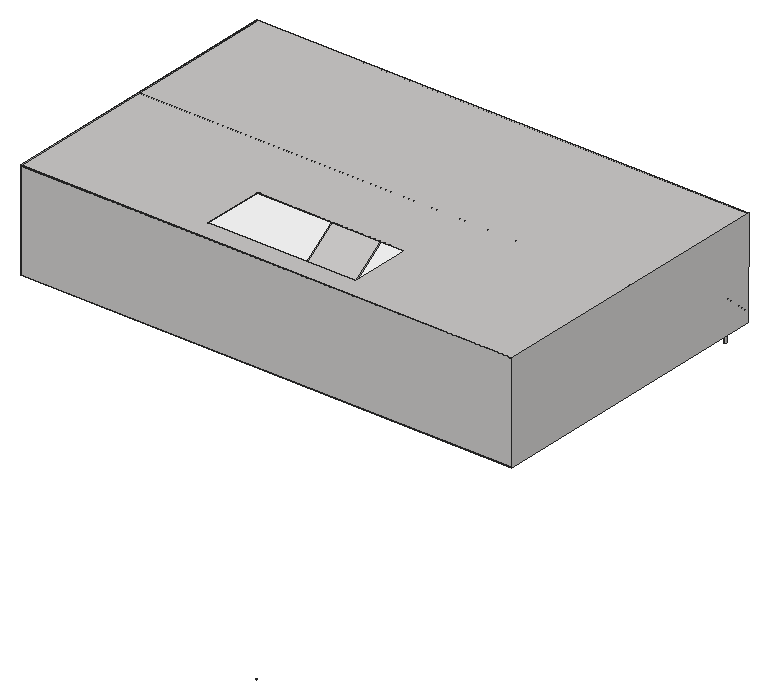
Revit family "QF_ELECTROLUXPROFESSIONAL_640190_EPF1220", category Specialty Equipment, Revit 2014
Reference planes
  plane 1: z = 0
  plane 2 "Center (Left/Right)": x = 150
  plane 3 "LEFT": x = -850
  plane 4 "RIGHT": x = 1150
  plane 5 "BACK": y = 550
  plane 6 "TOP": z = 2400
  plane 7 "Base": z = 2000
  plane 8: z = 1970
  plane 9 "DrainY": y = 450
  plane 10: x = -847
  plane 11: y = -320
  plane 12: y = -570
  plane 13 "DrainX": x = 1137
  plane 14 "AOLeft": x = -150
  plane 15 "AORight": x = 450
  plane 16: x = 1147
  plane 17: x = -650
  plane 18: x = 950
  plane 19 "Center (Front/Back)": y = -50
  plane 20 "Front": y = -650
  plane 21: through (0, -49.6, 2399.19) normal (0, -0.5736, 0.8192)
  plane 22: x = 50
  plane 23: x = 250
Forms (mm)
  Extrusion 1, solid, material "QF_Finishes_Stainless Steel"
    sketch origin (-850, 0, 360) x (0, 1, 0) y (0, 0, 1)
      loop
        line (550, 1640) -> (550, 2040) -> (-650, 2040) -> (-650, 1640) -> (550, 1640)
    from 0 to 3
  Extrusion 2, solid, material "QF_Finishes_Stainless Steel"
    sketch origin (1150, 0, 360) x (0, 1, 0) y (0, 0, 1)
      loop
        line (550, 1640) -> (550, 2040) -> (-650, 2040) -> (-650, 1640) -> (550, 1640)
    from 0 to -3
  Extrusion 3, solid, material "QF_Finishes_Stainless Steel"
    sketch origin (150, 0, 360) x (0, 1, 0) y (0, 0, 1)
      loop
        line (-650, 2040) -> (-650, 1640) -> (-640, 1640) -> (-640, 1640.8) -> (-649.2, 1640.8) -> (-649.2, 2039.19) -> (549.2, 2039.19) -> (549.2, 1640.8) -> (540, 1640.8) -> (540, 1640) -> (550, 1640) -> (550, 2040) -> (-650, 2040)
    from -1000 to 1000
  Extrusion 4, solid, material "QF_Finishes_Stainless Steel"
    sketch origin (0, 0, 2000) x (0, 1, 0) y (-1, 0, 0)
      loop
        circle (450, -1137) r 4.763
    from -30 to 0
  Extrusion 5, void
    sketch origin (0, 0, 2400) x (0, 1, 0) y (-1, 0, 0)
      loop
        line (-320, -450) -> (-320, 150) -> (-570, 150) -> (-570, -450) -> (-320, -450)
    from 0 to -10
  Extrusion 6, solid, material "QF_Finishes_Stainless Steel"
    sketch origin (0, 0, 0) x (1, 0, 0) y (0, 1, 0)
      loop
        line (-850, 550) -> (-850, 549) -> (-849, 549) -> (-849, 550) -> (-850, 550)
    from 0 to 1
  Extrusion 7, solid, material "QF_Finishes_Stainless Steel"
    sketch origin (150, 0, 360) x (0, 1, 0) y (0, 0, 1)
      loop
        line (-131.515, 1981.832) -> (-134.381, 1985.926) -> (-573.276, 1678.608) -> (-570.553, 1674.415) -> (-131.515, 1981.832)
    from -800 to -997
  Extrusion 8, solid, material "QF_Finishes_Stainless Steel"
    sketch origin (150, 0, 360) x (0, 1, 0) y (0, 0, 1)
      loop
        line (-650, 2039.19) -> (-650, 1640) -> (-619.702, 1640) -> (-570.553, 1674.415) -> (-578.723, 1686.995) -> (-579.394, 1686.559) -> (-571.645, 1674.627) -> (-619.955, 1640.8) -> (-649.2, 1640.8) -> (-649.2, 2039.19) -> (-650, 2039.19)
      loop
        line (-49.6, 2039.19) -> (-50.995, 2039.19) -> (-131.319, 1982.947) -> (-139.464, 1994.578) -> (-140.119, 1994.12) -> (-131.515, 1981.832) -> (-49.6, 2039.19)
    from -997 to 997
  Extrusion 9, solid, material "QF_Finishes_Stainless Steel"
    sketch origin (150, 0, 360) x (0, 1, 0) y (0, 0, 1)
      loop
        line (-131.515, 1981.832) -> (-134.381, 1985.926) -> (-573.276, 1678.608) -> (-570.553, 1674.415) -> (-131.515, 1981.832)
    from 997 to 800
  Extrusion 10, solid, material "QF_Finishes_Stainless Steel"
    sketch origin (150, 0, 360) x (0, 1, 0) y (0, 0, 1)
      loop
        line (-131.515, 1981.832) -> (-134.381, 1985.926) -> (-573.276, 1678.608) -> (-570.553, 1674.415) -> (-131.515, 1981.832)
    from -100 to 100
  Extrusion 11, solid, material "QF_Finished_Chrome"
    sketch origin (150, 0, 360) x (0, 1, 0) y (0, 0, 1)
      loop
        line (-131.515, 1981.832) -> (-134.381, 1985.926) -> (-573.276, 1678.608) -> (-570.553, 1674.415) -> (-131.515, 1981.832)
    from -800 to -100
  Extrusion 12, solid, material "QF_Finished_Chrome"
    sketch origin (150, 0, 360) x (0, 1, 0) y (0, 0, 1)
      loop
        line (-131.515, 1981.832) -> (-134.381, 1985.926) -> (-573.276, 1678.608) -> (-570.553, 1674.415) -> (-131.515, 1981.832)
    from 100 to 800
  Sweep 13, solid, material "QF_Finishes_Stainless Steel"
    path origin (0, 0, 0) x (1, 0, 0) y (0, 1, 0)
      loop
        line (1150, 550) -> (-850, 550) -> (-850, -650) -> (1150, -650) -> (1150, 550)
    profile origin (1150, -50, 0) x (1, 0, 0) y (0, 0, 1)
      loop
        line (-3, 2000) -> (-3, 2000.8) -> (-19, 2000.8) -> (-19, 2010) -> (-20, 2010) -> (-20, 2000) -> (-3, 2000)
  Extrusion 14, solid, material "QF_Finishes_Stainless Steel"
    sketch origin (150, 0, 0) x (0, 1, 0) y (0, 0, 1)
      loop
        line (549.2, 2040.8) -> (549.2, 2041.877) -> (289.521, 2275.693) -> (-43.438, 2399.19) -> (-45.739, 2399.19) -> (289.099, 2274.996) -> (549.2, 2040.8)
    from -997 to 997
Cuts and joins
  Extrusion 5 cuts Extrusion 3
  joined: Extrusion 2, Extrusion 3, Sweep 13
Lines and regions (mm)
  symbolic lines, style "SpecialityEquipment", detail levels coarse
    curve 1: line (1150, 550, 2400) -> (-850, 550, 2400)
    curve 2: line (-850, 550, 2400) -> (-850, -650.8, 2400)
    curve 3: line (1150, -650.8, 2400) -> (1150, 550, 2400)
    curve 4: line (-850, -650.8, 2400) -> (1150, -650.8, 2400)
    curve 5: line (450, -570, 2400) -> (-150, -570, 2400)
    curve 6: line (450, -320, 2400) -> (450, -570, 2400)
    curve 7: line (-150, -320, 2400) -> (450, -320, 2400)
    curve 8: line (-150, -570, 2400) -> (-150, -320, 2400)
    curve 9: line (-850, 550, 0) -> (1150, -650.8, 0)
    curve 10: line (1150, 550, 0) -> (-850, -650.8, 0)
Dimensions and locks
  plane 3 "LEFT" to plane 4 "RIGHT" = 2000 mm
  equal spacing: plane 3 "LEFT", plane 2 "Center (Left/Right)", plane 4 "RIGHT"
  plane 7 "Base" to plane 8 = 30 mm
  plane 5 "BACK" to plane 9 "DrainY" = 100 mm  (x2)
  plane 3 "LEFT" to plane 10 = 3 mm
  plane 13 "DrainX" to plane 4 "RIGHT" = 13 mm
  plane 16 to plane 4 "RIGHT" = 3 mm
  plane 3 "LEFT" to plane 17 = 200 mm
  plane 18 to plane 4 "RIGHT" = 200 mm
  locked: plane 14 "AOLeft" to plane 15 "AORight" at 600
  equal spacing: plane 14 "AOLeft", plane 2 "Center (Left/Right)", plane 15 "AORight"
  locked: plane 7 "Base" to level at 2000
  locked: plane 6 "TOP" to plane 7 "Base" at 400
  plane 5 "BACK" to plane 20 "Front" = 1200 mm  (x2)
  equal spacing: plane 5 "BACK", plane 19 "Center (Front/Back)", plane 20 "Front"
  locked: plane 22 to plane 23 at 200
  equal spacing: plane 22, plane 2 "Center (Left/Right)", plane 23
  plane 12 to plane 20 "Front" = 80 mm
  locked: plane 11 to plane 12 at 250
  aligned and locked: level to plane 1
  aligned and locked: plane 4 "RIGHT" to Extrusion 3
  aligned and locked: Extrusion 3 to plane 3 "LEFT"
  aligned and locked: Extrusion 5 to plane 14 "AOLeft"
  aligned and locked: Extrusion 5 to plane 12
  aligned and locked: Extrusion 5 to plane 11
  aligned and locked: Extrusion 7 to plane 10
  aligned and locked: Extrusion 7 to plane 17
  aligned and locked: Extrusion 2 to plane 16
  aligned and locked: Extrusion 5 to plane 15 "AORight"
  aligned and locked: plane 15 "AORight" to curve 6
  aligned and locked: plane 16 to Extrusion 9
  aligned and locked: plane 18 to Extrusion 9
  aligned and locked: plane 23 to Extrusion 10
  aligned and locked: Extrusion 10 to plane 22
  aligned and locked: plane 22 to Extrusion 11
  aligned and locked: Extrusion 11 to plane 17
  aligned and locked: Extrusion 12 to plane 23
  aligned and locked: Extrusion 12 to plane 18
  aligned and locked: Extrusion 14 to plane 10
  aligned and locked: plane 16 to Extrusion 14
  aligned and locked: Extrusion 8 to plane 10
  aligned and locked: plane 16 to Extrusion 8
Automatic sketch dimensions
  curve 4 to plane 4 "RIGHT" = 0 mm
  curve 2 to plane 3 "LEFT" = 0 mm
  curve 5 to plane 12 = 0 mm
  plane 11 to curve 7 = 0 mm
  curve 2 to plane 5 "BACK" = 0 mm
  curve 5 to plane 14 "AOLeft" = 0 mm
  curve 4 to plane 20 "Front" = 0.8 mm
  Extrusion 1 sketch curve to plane 7 "Base" = 0 mm
  Extrusion 1 sketch curve to plane 20 "Front" = 0 mm
  Extrusion 1 sketch curve to plane 5 "BACK" = 0 mm
  Extrusion 1 sketch curve to plane 6 "TOP" = 0 mm
  Extrusion 2 sketch curve to plane 7 "Base" = 0 mm
  Extrusion 2 sketch curve to plane 20 "Front" = 0 mm
  Extrusion 2 sketch curve to plane 5 "BACK" = 0 mm
  Extrusion 2 sketch curve to plane 6 "TOP" = 0 mm
  Extrusion 3 sketch curve to plane 6 "TOP" = 0 mm
  Extrusion 3 sketch curve to plane 20 "Front" = 0 mm
  Extrusion 3 sketch curve to plane 7 "Base" = 0 mm  (x2)
  Extrusion 3 sketch curve to plane 5 "BACK" = 0 mm
  plane 20 "Front" to Extrusion 3 sketch curve = 0.8 mm
  Extrusion 3 sketch curve to Extrusion 3 sketch curve = 9.2 mm
  plane 7 "Base" to Extrusion 3 sketch curve = 0.8 mm  (x2)
  Extrusion 3 sketch curve to plane 5 "BACK" = 10 mm
  Extrusion 3 sketch curve to plane 5 "BACK" = 0.8 mm
  Extrusion 3 sketch curve to plane 6 "TOP" = 0.81 mm
  Extrusion 4 sketch curve to plane 9 "DrainY" = 0 mm
  Extrusion 4 sketch curve to plane 13 "DrainX" = 0 mm
  Extrusion 5 sketch curve to plane 12 = 0 mm
  plane 11 to Extrusion 5 sketch curve = 0 mm
  Extrusion 5 sketch curve to plane 15 "AORight" = 0 mm
  Extrusion 5 sketch curve to plane 14 "AOLeft" = 0 mm
  Extrusion 6 sketch curve to plane 3 "LEFT" = 0 mm
  Extrusion 6 sketch curve to plane 5 "BACK" = 0 mm
  plane 3 "LEFT" to Extrusion 6 sketch curve = 1 mm
  Extrusion 6 sketch curve to Extrusion 6 sketch curve = 1 mm
  Extrusion 7 sketch curve to plane 21 = 0 mm  (x2)
  plane 20 "Front" to Extrusion 7 sketch curve = 76.724 mm
  plane 7 "Base" to Extrusion 7 sketch curve = 34.415 mm
  Extrusion 7 sketch curve to plane 6 "TOP" = 54.074 mm
  Extrusion 7 sketch curve to plane 19 "Center (Front/Back)" = 84.381 mm
  Extrusion 8 sketch curve to plane 20 "Front" = 0 mm
  Extrusion 8 sketch curve to plane 7 "Base" = 0 mm
  Extrusion 8 sketch curve to plane 21 = 0 mm  (x4)
  plane 20 "Front" to Extrusion 8 sketch curve = 0.8 mm
  Extrusion 8 sketch curve to Extrusion 8 sketch curve = 0.252 mm
  Extrusion 8 sketch curve to Extrusion 8 sketch curve = 40.561 mm
  plane 7 "Base" to Extrusion 8 sketch curve = 46.995 mm
  Extrusion 8 sketch curve to Extrusion 8 sketch curve = 0.671 mm
  plane 7 "Base" to Extrusion 8 sketch curve = 34.627 mm
  Extrusion 8 sketch curve to Extrusion 8 sketch curve = 7.749 mm
  Extrusion 8 sketch curve to plane 6 "TOP" = 45.88 mm
  Extrusion 8 sketch curve to plane 19 "Center (Front/Back)" = 90.119 mm
  Extrusion 8 sketch curve to plane 6 "TOP" = 45.422 mm
  Extrusion 8 sketch curve to plane 6 "TOP" = 57.053 mm
  Extrusion 8 sketch curve to plane 6 "TOP" = 0.81 mm  (x2)
  plane 7 "Base" to Extrusion 8 sketch curve = 0.8 mm
  Extrusion 9 sketch curve to plane 21 = 0 mm  (x2)
  plane 20 "Front" to Extrusion 9 sketch curve = 76.724 mm
  plane 7 "Base" to Extrusion 9 sketch curve = 34.415 mm
  Extrusion 9 sketch curve to plane 6 "TOP" = 54.074 mm
  Extrusion 9 sketch curve to plane 19 "Center (Front/Back)" = 84.381 mm
  Extrusion 10 sketch curve to plane 21 = 0 mm  (x2)
  plane 20 "Front" to Extrusion 10 sketch curve = 76.724 mm
  plane 7 "Base" to Extrusion 10 sketch curve = 34.415 mm
  Extrusion 10 sketch curve to plane 6 "TOP" = 54.074 mm
  Extrusion 10 sketch curve to plane 19 "Center (Front/Back)" = 84.381 mm
  Extrusion 11 sketch curve to plane 21 = 0 mm  (x2)
  plane 20 "Front" to Extrusion 11 sketch curve = 76.724 mm
  plane 7 "Base" to Extrusion 11 sketch curve = 34.415 mm
  Extrusion 11 sketch curve to plane 6 "TOP" = 54.074 mm
  Extrusion 11 sketch curve to plane 19 "Center (Front/Back)" = 84.381 mm
  Extrusion 12 sketch curve to plane 21 = 0 mm  (x2)
  plane 20 "Front" to Extrusion 12 sketch curve = 76.724 mm
  plane 7 "Base" to Extrusion 12 sketch curve = 34.415 mm
  Extrusion 12 sketch curve to plane 6 "TOP" = 54.074 mm
  Extrusion 12 sketch curve to plane 19 "Center (Front/Back)" = 84.381 mm
  Sweep 13 sketch curve to plane 3 "LEFT" = 0 mm
  Sweep 13 sketch curve to plane 4 "RIGHT" = 0 mm
  Sweep 13 sketch curve to plane 20 "Front" = 0 mm
  Sweep 13 sketch curve to plane 5 "BACK" = 0 mm
  profile plane to Sweep 13 sketch curve = 20 mm
  Sweep 13 sketch curve to Sweep 13 sketch curve = 1 mm
  profile plane to Sweep 13 sketch curve = 3 mm
  level to Sweep 13 sketch curve = 2000 mm
  Sweep 13 sketch curve to Sweep 13 sketch curve = 0.8 mm
  Sweep 13 sketch curve to Sweep 13 sketch curve = 9.2 mm
  Extrusion 14 sketch curve to plane 9 "DrainY" = 160.901 mm
  Extrusion 14 sketch curve to Extrusion 14 sketch curve = 0.422 mm
  Extrusion 14 sketch curve to plane 5 "BACK" = 0.8 mm
  plane 7 "Base" to Extrusion 14 sketch curve = 40.8 mm
  Extrusion 14 sketch curve to Extrusion 14 sketch curve = 1.077 mm
  Extrusion 14 sketch curve to plane 6 "TOP" = 125.004 mm
  Extrusion 14 sketch curve to Extrusion 14 sketch curve = 0.697 mm
  Extrusion 14 sketch curve to plane 6 "TOP" = 0.81 mm
  plane 19 "Center (Front/Back)" to Extrusion 14 sketch curve = 6.562 mm
  Extrusion 14 sketch curve to Extrusion 14 sketch curve = 2.3 mm
  Extrusion 14 sketch curve to Extrusion 14 sketch curve = 0 mm
  curve 10 to plane 3 "LEFT" = 0 mm
  curve 9 to plane 3 "LEFT" = 0 mm
  curve 10 to plane 4 "RIGHT" = 0 mm
  curve 9 to plane 4 "RIGHT" = 0 mm
  curve 10 to plane 5 "BACK" = 0 mm
  curve 9 to plane 5 "BACK" = 0 mm
  curve 10 to plane 20 "Front" = 0.8 mm
  curve 9 to plane 20 "Front" = 0.8 mm
  radius of Extrusion 4 sketch curve = 4.763 mm
Connectors
  piping at (1137, 450, 1970), diameter 9.5
    settings: on Extrusion 4, index 1, connector inside diameter 609.6 mm, connector length 0 mm, flow factor 0, pipe flow 0.0 L/s, pressure drop 0.0 Pa, fitting loss kfactor 0, connector angle 0.00°, fixture units 0, engagement length 0 mm, angle of deflection 0.00°, flow configuration 1, flow direction 2, fitting loss method 0, system type 16, joint type 0, gender type 0, connector reference index -1, connector utility 0, adjustable connector no, is connector primary yes, connector description "Drain"
  hvac at (150, -445, 2400)
    settings: on Extrusion 5, index 2, duct flow 0.0 L/s, flow factor 0, pres drop 0.0 Pa, loss coef 0, conn angle 0.00°, conn width 250 mm, conn height 600 mm, conn diameter 609.6 mm, duct sys type 3, conn prof type 1, flow config 1, flow direction 0, loss method 0, conn ref index -1, conn util no, is conn primary yes, conn desc "EXHAUST OUTLET"
